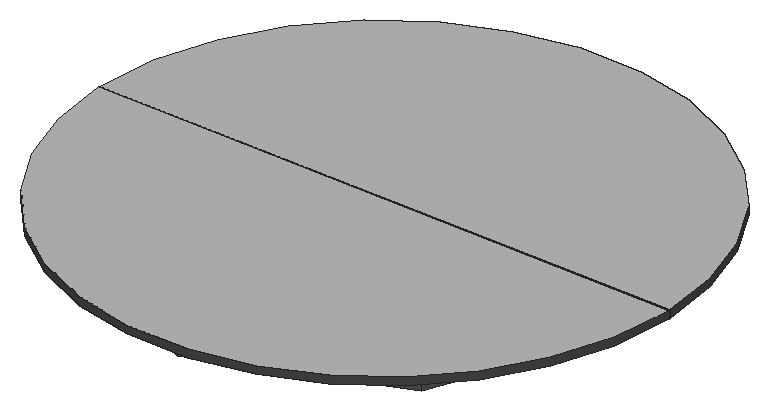
Revit family "22M 60 Round", category Furniture, Revit 2016
Family settings
  OmniClass Number = 23.40.20.00
  OmniClass Title = General Furniture and Specialties
  Work Plane-Based = No
  Always vertical = Yes
  Cut with Voids When Loaded = No
  Shared = No
  Room Calculation Point = No
Parameters
  Top [instance] = Palmer Hamilton Lt Gry
  Open [instance] = yes
  Height [instance] = 2' - 5"
  Frame [instance] = Palmer Hamilton Black
  Edge [instance] = Palmer Hamilton - Edge
  Closed [instance] = not(Open)  # no
Reference planes (in)
  plane 1 "Center Front/Back": y = 0
  plane 2: z = 0
  plane 3 "Center Left/Right": x = 0
  plane 4: z = 29
  plane 5: z = 28.1875
  plane 6: z = 26.0625
Forms (in)
  Extrusion 1, solid, visible <- "Open"
    sketch origin (0, 0, 0) x (1, 0, 0) y (0, 1, 0)
      loop
        arc (-29.99993, -0.0625) -> (0, -30) -> (29.99993, -0.0625) r 30
        line (29.99993, -0.0625) -> (-29.99993, -0.0625)
    from 28.1875 to 29
  Extrusion 2, solid, material "Palmer Hamilton Black" <- "Frame", visible <- "Open"
    sketch origin (0, 0, 0) x (1, 0, 0) y (0, 1, 0)
      loop
        line (-23.80109, -5.0625) -> (-23.80109, -8.21742) -> (-19.2566, -19.18879) -> (0, -27.16514) -> (19.2566, -19.18879) -> (23.80109, -8.21742) -> (23.80109, -5.0625) -> (23.30109, -5.0625) -> (23.30109, -8.11796) -> (18.87392, -18.80611) -> (0, -26.62394) -> (-18.87392, -18.80611) -> (-23.30109, -8.11796) -> (-23.30109, -5.0625) -> (-23.80109, -5.0625)
    from 26.0625 to 28.1875
  Extrusion 3, solid, visible <- "Closed"
    sketch origin (0, 25.43161, 37.57415) x (1, 0, 0) y (0, 0.017452, 0.999848)
      loop
        arc (-29.99993, -0.0625) -> (0, -30) -> (29.99993, -0.0625) r 30
        line (29.99993, -0.0625) -> (-29.99993, -0.0625)
    from 28.1875 to 29
  Extrusion 4, solid, material "Palmer Hamilton Black" <- "Frame", visible <- "Closed"
    sketch origin (0, 25.43161, 37.57415) x (1, 0, 0) y (0, 0.017452, 0.999848)
      loop
        line (-23.80109, -5.0625) -> (-23.80109, -8.21742) -> (-19.2566, -19.18879) -> (0, -27.16514) -> (19.2566, -19.18879) -> (23.80109, -8.21742) -> (23.80109, -5.0625) -> (23.30109, -5.0625) -> (23.30109, -8.11796) -> (18.87392, -18.80611) -> (0, -26.62394) -> (-18.87392, -18.80611) -> (-23.30109, -8.11796) -> (-23.30109, -5.0625) -> (-23.80109, -5.0625)
    from 26.0625 to 28.1875
  Extrusion 5, solid, visible <- "Open"
    sketch origin (0, 0, 0) x (-1, 0, 0) y (0, -1, 0)
      loop
        arc (-29.99993, -0.0625) -> (0, -30) -> (29.99993, -0.0625) r 30
        line (29.99993, -0.0625) -> (-29.99993, -0.0625)
    from 28.1875 to 29
  Extrusion 6, solid, material "Palmer Hamilton Black" <- "Frame", visible <- "Open"
    sketch origin (0, 0, 0) x (-1, 0, 0) y (0, -1, 0)
      loop
        line (-23.80109, -5.0625) -> (-23.80109, -8.21742) -> (-19.2566, -19.18879) -> (0, -27.16514) -> (19.2566, -19.18879) -> (23.80109, -8.21742) -> (23.80109, -5.0625) -> (23.30109, -5.0625) -> (23.30109, -8.11796) -> (18.87392, -18.80611) -> (0, -26.62394) -> (-18.87392, -18.80611) -> (-23.30109, -8.11796) -> (-23.30109, -5.0625) -> (-23.80109, -5.0625)
    from 26.0625 to 28.1875
  Extrusion 7, solid, visible <- "Closed"
    sketch origin (0, -25.43161, 37.57415) x (-1, 0, 0) y (0, -0.017452, 0.999848)
      loop
        arc (-29.99993, -0.0625) -> (0, -30) -> (29.99993, -0.0625) r 30
        line (29.99993, -0.0625) -> (-29.99993, -0.0625)
    from 28.1875 to 29
  Extrusion 8, solid, material "Palmer Hamilton Black" <- "Frame", visible <- "Closed"
    sketch origin (0, -25.43161, 37.57415) x (-1, 0, 0) y (0, -0.017452, 0.999848)
      loop
        line (-23.80109, -5.0625) -> (-23.80109, -8.21742) -> (-19.2566, -19.18879) -> (0, -27.16514) -> (19.2566, -19.18879) -> (23.80109, -8.21742) -> (23.80109, -5.0625) -> (23.30109, -5.0625) -> (23.30109, -8.11796) -> (18.87392, -18.80611) -> (0, -26.62394) -> (-18.87392, -18.80611) -> (-23.30109, -8.11796) -> (-23.30109, -5.0625) -> (-23.80109, -5.0625)
    from 26.0625 to 28.1875
  Extrusion 9, solid, material "Palmer Hamilton Black" <- "Frame", visible <- "Open"
    sketch origin (0, -0.04778, 5) x (0, 1, 0) y (0, 0, 1)
      loop
        line (0.5625, 20.44279) -> (0.5625, 22.17483) -> (-1.05432, 22.17483) -> (-1.05432, 22.61495) -> (-2.319, 22.61495) -> (-2.319, 23.1875) -> (-7.8464, 23.1875) -> (-7.8464, 21.04911) -> (-4.819, 21.04911) -> (-4.12777, 20.56511) -> (-2.19922, 20.56511)
        arc (-2.19922, 20.56511) -> (-1.96819, 20.47396) -> (-1.80353, 20.28804) r 0.53311
        line (-1.80353, 20.28804) -> (-1.74766, 20.07952)
        arc (-1.74766, 20.07952) -> (-1.6893, 19.93864) -> (-1.54842, 19.88029) r 0.19923
        line (-1.54842, 19.88029) -> (0, 19.88029)
        arc (0, 19.88029) -> (0.39775, 20.04504) -> (0.5625, 20.44279) r 0.5625
    from 23.6148 to 23.7344
  Extrusion 10, solid, material "Palmer Hamilton Black" <- "Frame", visible <- "Closed"
    sketch origin (0, 23.38594, 40.67249) x (0, 0.017452, 0.999848) y (0, -0.999848, 0.017452)
      loop
        line (-2.43704, 23.39043) -> (-2.43704, 25.12248) -> (-4.05386, 25.12248) -> (-4.05386, 25.5626) -> (-5.31854, 25.5626) -> (-5.31854, 26.13514) -> (-14.81854, 26.13514) -> (-14.81854, 23.99675) -> (-7.81854, 23.99675) -> (-7.12731, 23.51275) -> (-5.19876, 23.51275)
        arc (-5.19876, 23.51275) -> (-4.96774, 23.4216) -> (-4.80307, 23.23569) r 0.53311
        line (-4.80307, 23.23569) -> (-4.7472, 23.02716)
        arc (-4.7472, 23.02716) -> (-4.68885, 22.88628) -> (-4.54797, 22.82793) r 0.19923
        line (-4.54797, 22.82793) -> (-2.99954, 22.82793)
        arc (-2.99954, 22.82793) -> (-2.6018, 22.99268) -> (-2.43704, 23.39043) r 0.5625
    from 23.6148 to 23.7344
  Extrusion 11, solid, material "Palmer Hamilton Black" <- "Frame", visible <- "Open"
    sketch origin (0, -0.04778, 5) x (0, -1, 0) y (0, 0, 1)
      loop
        line (0.5625, 20.44279) -> (0.5625, 22.17483) -> (-1.05432, 22.17483) -> (-1.05432, 22.61495) -> (-2.319, 22.61495) -> (-2.319, 23.1875) -> (-8.14134, 23.1875) -> (-8.14134, 21.04911) -> (-4.819, 21.04911) -> (-4.12777, 20.56511) -> (-2.19922, 20.56511)
        arc (-2.19922, 20.56511) -> (-1.96819, 20.47396) -> (-1.80353, 20.28804) r 0.53311
        line (-1.80353, 20.28804) -> (-1.74766, 20.07952)
        arc (-1.74766, 20.07952) -> (-1.6893, 19.93864) -> (-1.54842, 19.88029) r 0.19923
        line (-1.54842, 19.88029) -> (0, 19.88029)
        arc (0, 19.88029) -> (0.39775, 20.04504) -> (0.5625, 20.44279) r 0.5625
    from -23.8544 to -23.7344
  Extrusion 12, solid, material "Palmer Hamilton Black" <- "Frame", visible <- "Closed"
    sketch origin (0, -23.48151, 40.67249) x (0, -0.017452, 0.999848) y (0, 0.999848, 0.017452)
      loop
        line (-2.43704, 23.39043) -> (-2.43704, 25.12248) -> (-4.05386, 25.12248) -> (-4.05386, 25.5626) -> (-5.31854, 25.5626) -> (-5.31854, 26.13514) -> (-14.81854, 26.13514) -> (-14.81854, 23.99675) -> (-7.81854, 23.99675) -> (-7.12731, 23.51275) -> (-5.19876, 23.51275)
        arc (-5.19876, 23.51275) -> (-4.96774, 23.4216) -> (-4.80307, 23.23569) r 0.53311
        line (-4.80307, 23.23569) -> (-4.7472, 23.02716)
        arc (-4.7472, 23.02716) -> (-4.68885, 22.88628) -> (-4.54797, 22.82793) r 0.19923
        line (-4.54797, 22.82793) -> (-2.99954, 22.82793)
        arc (-2.99954, 22.82793) -> (-2.6018, 22.99268) -> (-2.43704, 23.39043) r 0.5625
    from -23.8544 to -23.7344
  Extrusion 13, solid, material "Palmer Hamilton Black" <- "Frame", visible <- "Open"
    sketch origin (0, -0.04778, 5) x (0, 1, 0) y (0, 0, 1)
      loop
        line (0.5625, 20.44279) -> (0.5625, 22.17483) -> (-1.05432, 22.17483) -> (-1.05432, 22.61495) -> (-2.319, 22.61495) -> (-2.319, 23.1875) -> (-7.8464, 23.1875) -> (-7.8464, 21.04911) -> (-4.819, 21.04911) -> (-4.12777, 20.56511) -> (-2.19922, 20.56511)
        arc (-2.19922, 20.56511) -> (-1.96819, 20.47396) -> (-1.80353, 20.28804) r 0.53311
        line (-1.80353, 20.28804) -> (-1.74766, 20.07952)
        arc (-1.74766, 20.07952) -> (-1.6893, 19.93864) -> (-1.54842, 19.88029) r 0.19923
        line (-1.54842, 19.88029) -> (0, 19.88029)
        arc (0, 19.88029) -> (0.39775, 20.04504) -> (0.5625, 20.44279) r 0.5625
    from 17.25 to 17.375
  Extrusion 14, solid, material "Palmer Hamilton Black" <- "Frame", visible <- "Open"
    sketch origin (0, -0.04778, 5) x (0, -1, 0) y (0, 0, 1)
      loop
        line (0.5625, 20.44279) -> (0.5625, 22.17483) -> (-1.05432, 22.17483) -> (-1.05432, 22.61495) -> (-2.319, 22.61495) -> (-2.319, 23.1875) -> (-8.14134, 23.1875) -> (-8.14134, 21.04911) -> (-4.819, 21.04911) -> (-4.12777, 20.56511) -> (-2.19922, 20.56511)
        arc (-2.19922, 20.56511) -> (-1.96819, 20.47396) -> (-1.80353, 20.28804) r 0.53311
        line (-1.80353, 20.28804) -> (-1.74766, 20.07952)
        arc (-1.74766, 20.07952) -> (-1.6893, 19.93864) -> (-1.54842, 19.88029) r 0.19923
        line (-1.54842, 19.88029) -> (0, 19.88029)
        arc (0, 19.88029) -> (0.39775, 20.04504) -> (0.5625, 20.44279) r 0.5625
    from -17.5 to -17.375
  Extrusion 15, solid, material "Palmer Hamilton Black" <- "Frame", visible <- "Closed"
    sketch origin (0, 23.38594, 40.67249) x (0, 0.017452, 0.999848) y (0, -0.999848, 0.017452)
      loop
        line (-2.43704, 23.39043) -> (-2.43704, 25.12248) -> (-4.05386, 25.12248) -> (-4.05386, 25.5626) -> (-5.31854, 25.5626) -> (-5.31854, 26.13514) -> (-14.81854, 26.13514) -> (-14.81854, 23.99675) -> (-7.81854, 23.99675) -> (-7.12731, 23.51275) -> (-5.19876, 23.51275)
        arc (-5.19876, 23.51275) -> (-4.96774, 23.4216) -> (-4.80307, 23.23569) r 0.53311
        line (-4.80307, 23.23569) -> (-4.7472, 23.02716)
        arc (-4.7472, 23.02716) -> (-4.68885, 22.88628) -> (-4.54797, 22.82793) r 0.19923
        line (-4.54797, 22.82793) -> (-2.99954, 22.82793)
        arc (-2.99954, 22.82793) -> (-2.6018, 22.99268) -> (-2.43704, 23.39043) r 0.5625
    from 17.25 to 17.375
  Extrusion 16, solid, material "Palmer Hamilton Black" <- "Frame", visible <- "Closed"
    sketch origin (0, -23.48151, 40.67249) x (0, -0.017452, 0.999848) y (0, 0.999848, 0.017452)
      loop
        line (-2.43704, 23.39043) -> (-2.43704, 25.12248) -> (-4.05386, 25.12248) -> (-4.05386, 25.5626) -> (-5.31854, 25.5626) -> (-5.31854, 26.13514) -> (-14.81854, 26.13514) -> (-14.81854, 23.99675) -> (-7.81854, 23.99675) -> (-7.12731, 23.51275) -> (-5.19876, 23.51275)
        arc (-5.19876, 23.51275) -> (-4.96774, 23.4216) -> (-4.80307, 23.23569) r 0.53311
        line (-4.80307, 23.23569) -> (-4.7472, 23.02716)
        arc (-4.7472, 23.02716) -> (-4.68885, 22.88628) -> (-4.54797, 22.82793) r 0.19923
        line (-4.54797, 22.82793) -> (-2.99954, 22.82793)
        arc (-2.99954, 22.82793) -> (-2.6018, 22.99268) -> (-2.43704, 23.39043) r 0.5625
    from -17.5 to -17.375
  Extrusion 17, solid, material "Palmer Hamilton Black" <- "Frame", visible <- "Closed"
    sketch origin (0, -23.48151, 40.67249) x (0, -0.017452, 0.999848) y (0, 0.999848, 0.017452)
      loop
        line (-2.43704, 23.39043) -> (-2.43704, 25.12248) -> (-4.05386, 25.12248) -> (-4.05386, 25.5626) -> (-5.31854, 25.5626) -> (-5.31854, 26.13514) -> (-14.81854, 26.13514) -> (-14.81854, 23.99675) -> (-7.81854, 23.99675) -> (-7.12731, 23.51275) -> (-5.19876, 23.51275)
        arc (-5.19876, 23.51275) -> (-4.96774, 23.4216) -> (-4.80307, 23.23569) r 0.53311
        line (-4.80307, 23.23569) -> (-4.7472, 23.02716)
        arc (-4.7472, 23.02716) -> (-4.68885, 22.88628) -> (-4.54797, 22.82793) r 0.19923
        line (-4.54797, 22.82793) -> (-2.99954, 22.82793)
        arc (-2.99954, 22.82793) -> (-2.6018, 22.99268) -> (-2.43704, 23.39043) r 0.5625
    from -12.1671 to -12.0625
  Extrusion 18, solid, material "Palmer Hamilton Black" <- "Frame", visible <- "Open"
    sketch origin (0, -0.04778, 5) x (0, -1, 0) y (0, 0, 1)
      loop
        line (0.5625, 20.44279) -> (0.5625, 22.17483) -> (-1.05432, 22.17483) -> (-1.05432, 22.61495) -> (-2.319, 22.61495) -> (-2.319, 23.1875) -> (-8.14134, 23.1875) -> (-8.14134, 21.04911) -> (-4.819, 21.04911) -> (-4.12777, 20.56511) -> (-2.19922, 20.56511)
        arc (-2.19922, 20.56511) -> (-1.96819, 20.47396) -> (-1.80353, 20.28804) r 0.53311
        line (-1.80353, 20.28804) -> (-1.74766, 20.07952)
        arc (-1.74766, 20.07952) -> (-1.6893, 19.93864) -> (-1.54842, 19.88029) r 0.19923
        line (-1.54842, 19.88029) -> (0, 19.88029)
        arc (0, 19.88029) -> (0.39775, 20.04504) -> (0.5625, 20.44279) r 0.5625
    from -12.1671 to -12.0625
  Extrusion 19, solid, material "Palmer Hamilton Black" <- "Frame", visible <- "Open"
    sketch origin (0, -0.04778, 5) x (0, 1, 0) y (0, 0, -1)
      loop
        arc (0.5625, -20.44279) -> (0.39775, -20.04504) -> (0, -19.88029) r 0.5625
        line (0, -19.88029) -> (-1.54842, -19.88029)
        arc (-1.54842, -19.88029) -> (-1.6893, -19.93864) -> (-1.74766, -20.07952) r 0.19923
        line (-1.74766, -20.07952) -> (-1.80353, -20.28804)
        arc (-1.80353, -20.28804) -> (-1.96819, -20.47396) -> (-2.19922, -20.56511) r 0.53311
        line (-2.19922, -20.56511) -> (-4.12777, -20.56511) -> (-4.819, -21.04911) -> (-7.8464, -21.04911) -> (-7.8464, -23.1875) -> (-2.319, -23.1875) -> (-2.319, -22.61495) -> (-1.05432, -22.61495) -> (-1.05432, -22.17483) -> (0.5625, -22.17483) -> (0.5625, -20.44279)
    from 23.6148 to 23.7344
  Extrusion 20, solid, material "Palmer Hamilton Black" <- "Frame", visible <- "Open"
    sketch origin (0, -0.04778, 5) x (0, -1, 0) y (0, 0, -1)
      loop
        arc (0.5625, -20.44279) -> (0.39775, -20.04504) -> (0, -19.88029) r 0.5625
        line (0, -19.88029) -> (-1.54842, -19.88029)
        arc (-1.54842, -19.88029) -> (-1.6893, -19.93864) -> (-1.74766, -20.07952) r 0.19923
        line (-1.74766, -20.07952) -> (-1.80353, -20.28804)
        arc (-1.80353, -20.28804) -> (-1.96819, -20.47396) -> (-2.19922, -20.56511) r 0.53311
        line (-2.19922, -20.56511) -> (-4.12777, -20.56511) -> (-4.819, -21.04911) -> (-8.14134, -21.04911) -> (-8.14134, -23.1875) -> (-2.319, -23.1875) -> (-2.319, -22.61495) -> (-1.05432, -22.61495) -> (-1.05432, -22.17483) -> (0.5625, -22.17483) -> (0.5625, -20.44279)
    from -23.8544 to -23.7344
  Extrusion 21, solid, material "Palmer Hamilton Black" <- "Frame", visible <- "Open"
    sketch origin (0, -0.04778, 5) x (0, 1, 0) y (0, 0, -1)
      loop
        arc (0.5625, -20.44279) -> (0.39775, -20.04504) -> (0, -19.88029) r 0.5625
        line (0, -19.88029) -> (-1.54842, -19.88029)
        arc (-1.54842, -19.88029) -> (-1.6893, -19.93864) -> (-1.74766, -20.07952) r 0.19923
        line (-1.74766, -20.07952) -> (-1.80353, -20.28804)
        arc (-1.80353, -20.28804) -> (-1.96819, -20.47396) -> (-2.19922, -20.56511) r 0.53311
        line (-2.19922, -20.56511) -> (-4.12777, -20.56511) -> (-4.819, -21.04911) -> (-7.8464, -21.04911) -> (-7.8464, -23.1875) -> (-2.319, -23.1875) -> (-2.319, -22.61495) -> (-1.05432, -22.61495) -> (-1.05432, -22.17483) -> (0.5625, -22.17483) -> (0.5625, -20.44279)
    from 17.25 to 17.375
  Extrusion 22, solid, material "Palmer Hamilton Black" <- "Frame", visible <- "Open"
    sketch origin (0, -0.04778, 5) x (0, -1, 0) y (0, 0, -1)
      loop
        arc (0.5625, -20.44279) -> (0.39775, -20.04504) -> (0, -19.88029) r 0.5625
        line (0, -19.88029) -> (-1.54842, -19.88029)
        arc (-1.54842, -19.88029) -> (-1.6893, -19.93864) -> (-1.74766, -20.07952) r 0.19923
        line (-1.74766, -20.07952) -> (-1.80353, -20.28804)
        arc (-1.80353, -20.28804) -> (-1.96819, -20.47396) -> (-2.19922, -20.56511) r 0.53311
        line (-2.19922, -20.56511) -> (-4.12777, -20.56511) -> (-4.819, -21.04911) -> (-8.14134, -21.04911) -> (-8.14134, -23.1875) -> (-2.319, -23.1875) -> (-2.319, -22.61495) -> (-1.05432, -22.61495) -> (-1.05432, -22.17483) -> (0.5625, -22.17483) -> (0.5625, -20.44279)
    from -17.5 to -17.375
  Extrusion 23, solid, material "Palmer Hamilton Black" <- "Frame", visible <- "Closed"
    sketch origin (0, -23.48151, 40.67249) x (0, -0.017452, 0.999848) y (0, -0.999848, -0.017452)
      loop
        arc (-2.43704, -23.39043) -> (-2.6018, -22.99268) -> (-2.99954, -22.82793) r 0.5625
        line (-2.99954, -22.82793) -> (-4.54797, -22.82793)
        arc (-4.54797, -22.82793) -> (-4.68885, -22.88628) -> (-4.7472, -23.02716) r 0.19923
        line (-4.7472, -23.02716) -> (-4.80307, -23.23569)
        arc (-4.80307, -23.23569) -> (-4.96774, -23.4216) -> (-5.19876, -23.51275) r 0.53311
        line (-5.19876, -23.51275) -> (-7.12731, -23.51275) -> (-7.81854, -23.99675) -> (-14.81854, -23.99675) -> (-14.81854, -26.13514) -> (-5.31854, -26.13514) -> (-5.31854, -25.5626) -> (-4.05386, -25.5626) -> (-4.05386, -25.12248) -> (-2.43704, -25.12248) -> (-2.43704, -23.39043)
    from -12.1671 to -12.0625
  Extrusion 24, solid, material "Palmer Hamilton Black" <- "Frame", visible <- "Open"
    sketch origin (0, -0.04778, 5) x (0, -1, 0) y (0, 0, -1)
      loop
        arc (0.5625, -20.44279) -> (0.39775, -20.04504) -> (0, -19.88029) r 0.5625
        line (0, -19.88029) -> (-1.54842, -19.88029)
        arc (-1.54842, -19.88029) -> (-1.6893, -19.93864) -> (-1.74766, -20.07952) r 0.19923
        line (-1.74766, -20.07952) -> (-1.80353, -20.28804)
        arc (-1.80353, -20.28804) -> (-1.96819, -20.47396) -> (-2.19922, -20.56511) r 0.53311
        line (-2.19922, -20.56511) -> (-4.12777, -20.56511) -> (-4.819, -21.04911) -> (-8.14134, -21.04911) -> (-8.14134, -23.1875) -> (-2.319, -23.1875) -> (-2.319, -22.61495) -> (-1.05432, -22.61495) -> (-1.05432, -22.17483) -> (0.5625, -22.17483) -> (0.5625, -20.44279)
    from -12.1671 to -12.0625
  Extrusion 25, solid, material "Palmer Hamilton Black" <- "Frame", visible <- "Closed"
    sketch origin (0, 23.38594, 40.67249) x (0, 0.017452, 0.999848) y (0, 0.999848, -0.017452)
      loop
        arc (-2.43704, -23.39043) -> (-2.6018, -22.99268) -> (-2.99954, -22.82793) r 0.5625
        line (-2.99954, -22.82793) -> (-4.54797, -22.82793)
        arc (-4.54797, -22.82793) -> (-4.68885, -22.88628) -> (-4.7472, -23.02716) r 0.19923
        line (-4.7472, -23.02716) -> (-4.80307, -23.23569)
        arc (-4.80307, -23.23569) -> (-4.96774, -23.4216) -> (-5.19876, -23.51275) r 0.53311
        line (-5.19876, -23.51275) -> (-7.12731, -23.51275) -> (-7.81854, -23.99675) -> (-14.81854, -23.99675) -> (-14.81854, -26.13514) -> (-5.31854, -26.13514) -> (-5.31854, -25.5626) -> (-4.05386, -25.5626) -> (-4.05386, -25.12248) -> (-2.43704, -25.12248) -> (-2.43704, -23.39043)
    from 23.6148 to 23.7344
  Extrusion 26, solid, material "Palmer Hamilton Black" <- "Frame", visible <- "Closed"
    sketch origin (0, -23.48151, 40.67249) x (0, -0.017452, 0.999848) y (0, -0.999848, -0.017452)
      loop
        arc (-2.43704, -23.39043) -> (-2.6018, -22.99268) -> (-2.99954, -22.82793) r 0.5625
        line (-2.99954, -22.82793) -> (-4.54797, -22.82793)
        arc (-4.54797, -22.82793) -> (-4.68885, -22.88628) -> (-4.7472, -23.02716) r 0.19923
        line (-4.7472, -23.02716) -> (-4.80307, -23.23569)
        arc (-4.80307, -23.23569) -> (-4.96774, -23.4216) -> (-5.19876, -23.51275) r 0.53311
        line (-5.19876, -23.51275) -> (-7.12731, -23.51275) -> (-7.81854, -23.99675) -> (-14.81854, -23.99675) -> (-14.81854, -26.13514) -> (-5.31854, -26.13514) -> (-5.31854, -25.5626) -> (-4.05386, -25.5626) -> (-4.05386, -25.12248) -> (-2.43704, -25.12248) -> (-2.43704, -23.39043)
    from -23.8544 to -23.7344
  Extrusion 27, solid, material "Palmer Hamilton Black" <- "Frame", visible <- "Closed"
    sketch origin (0, 23.38594, 40.67249) x (0, 0.017452, 0.999848) y (0, 0.999848, -0.017452)
      loop
        arc (-2.43704, -23.39043) -> (-2.6018, -22.99268) -> (-2.99954, -22.82793) r 0.5625
        line (-2.99954, -22.82793) -> (-4.54797, -22.82793)
        arc (-4.54797, -22.82793) -> (-4.68885, -22.88628) -> (-4.7472, -23.02716) r 0.19923
        line (-4.7472, -23.02716) -> (-4.80307, -23.23569)
        arc (-4.80307, -23.23569) -> (-4.96774, -23.4216) -> (-5.19876, -23.51275) r 0.53311
        line (-5.19876, -23.51275) -> (-7.12731, -23.51275) -> (-7.81854, -23.99675) -> (-14.81854, -23.99675) -> (-14.81854, -26.13514) -> (-5.31854, -26.13514) -> (-5.31854, -25.5626) -> (-4.05386, -25.5626) -> (-4.05386, -25.12248) -> (-2.43704, -25.12248) -> (-2.43704, -23.39043)
    from 17.25 to 17.375
  Extrusion 28, solid, material "Palmer Hamilton Black" <- "Frame", visible <- "Closed"
    sketch origin (0, -23.48151, 40.67249) x (0, -0.017452, 0.999848) y (0, -0.999848, -0.017452)
      loop
        arc (-2.43704, -23.39043) -> (-2.6018, -22.99268) -> (-2.99954, -22.82793) r 0.5625
        line (-2.99954, -22.82793) -> (-4.54797, -22.82793)
        arc (-4.54797, -22.82793) -> (-4.68885, -22.88628) -> (-4.7472, -23.02716) r 0.19923
        line (-4.7472, -23.02716) -> (-4.80307, -23.23569)
        arc (-4.80307, -23.23569) -> (-4.96774, -23.4216) -> (-5.19876, -23.51275) r 0.53311
        line (-5.19876, -23.51275) -> (-7.12731, -23.51275) -> (-7.81854, -23.99675) -> (-14.81854, -23.99675) -> (-14.81854, -26.13514) -> (-5.31854, -26.13514) -> (-5.31854, -25.5626) -> (-4.05386, -25.5626) -> (-4.05386, -25.12248) -> (-2.43704, -25.12248) -> (-2.43704, -23.39043)
    from -17.5 to -17.375
Dimensions and locks (in)
  locked: plane 5 to plane 6 at 2.125
  locked: plane 4 to plane 5 at 0.8125
  "Height": plane 4 to level
  locked: Extrusion 25 to Extrusion 3 at 0.68762
  locked: Extrusion 26 to Extrusion 7 at 0.68929
  aligned and locked: level to plane 2
  aligned and locked: plane 4 to Extrusion 1
  aligned and locked: Extrusion 1 to plane 5
  aligned and locked: plane 5 to Extrusion 2
  aligned and locked: Extrusion 2 to plane 6
  aligned and locked: plane 4 to Extrusion 5
  aligned and locked: Extrusion 5 to plane 5  (x2)
  aligned and locked: Extrusion 6 to plane 6
  aligned and locked: plane 5 to Extrusion 1
  aligned and locked: plane 5 to Extrusion 6
Automatic sketch dimensions
  plane 1 "Center Front/Back" to Extrusion 1 sketch curve = 0' - 0"
  Extrusion 1 sketch curve to plane 3 "Center Left/Right" = 0' - 0"
  plane 1 "Center Front/Back" to Extrusion 1 sketch curve = 0' - 0 1/16"
  Extrusion 1 sketch curve to plane 3 "Center Left/Right" = 2' - 5.99993"
  Extrusion 2 sketch curve to plane 3 "Center Left/Right" = 0' - 0"  (x2)
  Extrusion 2 sketch curve to plane 3 "Center Left/Right" = 1' - 6.87392"
  Extrusion 2 sketch curve to Extrusion 2 sketch curve = 0' - 0.38268"  (x4)
  plane 1 "Center Front/Back" to Extrusion 2 sketch curve = 0' - 8.11796"
  Extrusion 2 sketch curve to Extrusion 2 sketch curve = 0' - 4.42718"  (x2)
  plane 1 "Center Front/Back" to Extrusion 2 sketch curve = 0' - 8.21742"
  Extrusion 2 sketch curve to Extrusion 2 sketch curve = 0' - 0 1/2"  (x2)
  plane 3 "Center Left/Right" to Extrusion 2 sketch curve = 1' - 6.87392"
  plane 1 "Center Front/Back" to Extrusion 2 sketch curve = 0' - 5 1/16"
  Extrusion 2 sketch curve to Extrusion 2 sketch curve = 1' - 1.74361"
  Extrusion 2 sketch curve to Extrusion 2 sketch curve = 0' - 10.68815"
  Extrusion 2 sketch curve to Extrusion 2 sketch curve = 0' - 7.81783"
  Extrusion 2 sketch curve to Extrusion 2 sketch curve = 0' - 0.5412"
  Extrusion 2 sketch curve to Extrusion 2 sketch curve = 0' - 3.15492"
  Extrusion 2 sketch curve to Extrusion 2 sketch curve = 0' - 0.09946"
  Extrusion 2 sketch curve to Extrusion 2 sketch curve = 0' - 3.05546"
  Extrusion 3 sketch curve to plane 3 "Center Left/Right" = 0' - 0"
  Extrusion 3 sketch curve to plane 3 "Center Left/Right" = 2' - 5.99993"
  Extrusion 3 sketch curve to Extrusion 3 sketch curve = 0' - 0 1/16"
  Extrusion 4 sketch curve to plane 3 "Center Left/Right" = 0' - 0"  (x2)
  Extrusion 4 sketch curve to plane 3 "Center Left/Right" = 1' - 6.87392"
  Extrusion 4 sketch curve to Extrusion 4 sketch curve = 0' - 0.38268"  (x4)
  Extrusion 4 sketch curve to Extrusion 4 sketch curve = 0' - 4.42718"  (x2)
  Extrusion 4 sketch curve to Extrusion 4 sketch curve = 0' - 0 1/2"  (x2)
  plane 3 "Center Left/Right" to Extrusion 4 sketch curve = 1' - 6.87392"
  Extrusion 4 sketch curve to Extrusion 4 sketch curve = 0' - 0.5412"
  Extrusion 4 sketch curve to Extrusion 4 sketch curve = 0' - 7.43515"  (x2)
  Extrusion 4 sketch curve to Extrusion 4 sketch curve = 0' - 10.58869"  (x2)
  Extrusion 4 sketch curve to Extrusion 4 sketch curve = 0' - 0.09946"  (x2)
  Extrusion 4 sketch curve to Extrusion 4 sketch curve = 0' - 3.05546"  (x2)
  plane 1 "Center Front/Back" to Extrusion 5 sketch curve = 0' - 0"
  Extrusion 5 sketch curve to plane 3 "Center Left/Right" = 0' - 0"
  Extrusion 5 sketch curve to plane 1 "Center Front/Back" = 0' - 0 1/16"
  plane 3 "Center Left/Right" to Extrusion 5 sketch curve = 2' - 5.99993"
  Extrusion 6 sketch curve to plane 3 "Center Left/Right" = 0' - 0"  (x2)
  plane 3 "Center Left/Right" to Extrusion 6 sketch curve = 1' - 6.87392"
  Extrusion 6 sketch curve to Extrusion 6 sketch curve = 0' - 0.38268"  (x4)
  Extrusion 6 sketch curve to plane 1 "Center Front/Back" = 0' - 8.11796"
  Extrusion 6 sketch curve to Extrusion 6 sketch curve = 0' - 4.42718"  (x2)
  Extrusion 6 sketch curve to Extrusion 6 sketch curve = 0' - 0 1/2"  (x2)
  Extrusion 6 sketch curve to plane 3 "Center Left/Right" = 1' - 6.87392"
  Extrusion 6 sketch curve to plane 1 "Center Front/Back" = 0' - 5 1/16"
  Extrusion 6 sketch curve to Extrusion 6 sketch curve = 0' - 3.05546"  (x2)
  Extrusion 6 sketch curve to Extrusion 6 sketch curve = 0' - 0.09946"  (x2)
  Extrusion 6 sketch curve to Extrusion 6 sketch curve = 0' - 10.68815"  (x2)
  Extrusion 6 sketch curve to Extrusion 6 sketch curve = 0' - 7.81783"
  Extrusion 6 sketch curve to Extrusion 6 sketch curve = 0' - 0.5412"
  Extrusion 7 sketch curve to plane 3 "Center Left/Right" = 0' - 0"
  plane 3 "Center Left/Right" to Extrusion 7 sketch curve = 2' - 5.99993"
  Extrusion 7 sketch curve to Extrusion 7 sketch curve = 0' - 0 1/16"
  Extrusion 8 sketch curve to plane 3 "Center Left/Right" = 0' - 0"  (x2)
  plane 3 "Center Left/Right" to Extrusion 8 sketch curve = 1' - 6.87392"
  Extrusion 8 sketch curve to Extrusion 8 sketch curve = 0' - 0.38268"  (x4)
  Extrusion 8 sketch curve to Extrusion 8 sketch curve = 0' - 4.42718"  (x2)
  Extrusion 8 sketch curve to Extrusion 8 sketch curve = 0' - 0 1/2"  (x2)
  Extrusion 8 sketch curve to plane 3 "Center Left/Right" = 1' - 6.87392"
  Extrusion 8 sketch curve to Extrusion 8 sketch curve = 0' - 0.5412"
  Extrusion 8 sketch curve to Extrusion 8 sketch curve = 0' - 7.43515"  (x2)
  Extrusion 8 sketch curve to Extrusion 8 sketch curve = 0' - 10.58869"  (x2)
  Extrusion 8 sketch curve to Extrusion 8 sketch curve = 0' - 0.09946"  (x2)
  Extrusion 8 sketch curve to Extrusion 8 sketch curve = 0' - 3.05546"  (x2)
  plane 1 "Center Front/Back" to Extrusion 9 sketch curve = 0' - 7.89419"
  Extrusion 9 sketch curve to Extrusion 9 sketch curve = 0' - 3.0274"
  Extrusion 9 sketch curve to Extrusion 9 sketch curve = 0' - 0.69123"
  plane 1 "Center Front/Back" to Extrusion 9 sketch curve = 0' - 2.36678"
  Extrusion 9 sketch curve to Extrusion 9 sketch curve = 0' - 1.8538"
  Extrusion 9 sketch curve to Extrusion 9 sketch curve = 0' - 0.07475"
  Extrusion 9 sketch curve to Extrusion 9 sketch curve = 0' - 0.39569"
  Extrusion 9 sketch curve to Extrusion 9 sketch curve = 0' - 0.05587"
  Extrusion 9 sketch curve to Extrusion 9 sketch curve = 0' - 0 51/256"
  plane 1 "Center Front/Back" to Extrusion 9 sketch curve = 0' - 1.1021"
  plane 1 "Center Front/Back" to Extrusion 9 sketch curve = 0' - 0.04778"
  Extrusion 9 sketch curve to plane 1 "Center Front/Back" = 0' - 0.51472"
  Extrusion 9 sketch curve to plane 6 = 0' - 1.18221"
  Extrusion 9 sketch curve to Extrusion 9 sketch curve = 0' - 0.04225"
  Extrusion 9 sketch curve to Extrusion 9 sketch curve = 0' - 0.20852"
  Extrusion 9 sketch curve to Extrusion 9 sketch curve = 0' - 0.484"
  Extrusion 9 sketch curve to Extrusion 9 sketch curve = 0' - 1.73205"
  Extrusion 9 sketch curve to Extrusion 9 sketch curve = 0' - 0.44012"
  Extrusion 9 sketch curve to Extrusion 9 sketch curve = 0' - 0.57255"
  plane 1 "Center Front/Back" to Extrusion 10 sketch curve = 0' - 0.86578"
  plane 6 to Extrusion 10 sketch curve = 0' - 0.2125"
  Extrusion 10 sketch curve to Extrusion 10 sketch curve = 0' - 7"
  Extrusion 10 sketch curve to Extrusion 10 sketch curve = 0' - 0.69123"
  Extrusion 10 sketch curve to Extrusion 10 sketch curve = 0' - 1.80877"
  Extrusion 10 sketch curve to Extrusion 10 sketch curve = 0' - 1.8538"
  Extrusion 10 sketch curve to Extrusion 10 sketch curve = 0' - 0.07475"
  Extrusion 10 sketch curve to Extrusion 10 sketch curve = 0' - 0.39569"
  Extrusion 10 sketch curve to Extrusion 10 sketch curve = 0' - 0.05587"
  Extrusion 10 sketch curve to Extrusion 10 sketch curve = 0' - 0 51/256"
  Extrusion 10 sketch curve to Extrusion 10 sketch curve = 0' - 1.26468"
  Extrusion 10 sketch curve to Extrusion 10 sketch curve = 0' - 1.54842"
  Extrusion 10 sketch curve to Extrusion 10 sketch curve = 0' - 1.61682"
  Extrusion 10 sketch curve to Extrusion 10 sketch curve = 0' - 0.484"
  Extrusion 10 sketch curve to Extrusion 10 sketch curve = 0' - 0.12232"
  Extrusion 10 sketch curve to Extrusion 10 sketch curve = 0' - 0.20852"
  Extrusion 10 sketch curve to Extrusion 10 sketch curve = 0' - 1.73205"
  Extrusion 10 sketch curve to Extrusion 10 sketch curve = 0' - 0.44012"
  Extrusion 10 sketch curve to Extrusion 10 sketch curve = 0' - 0.57255"
  Extrusion 11 sketch curve to plane 1 "Center Front/Back" = 0' - 8.09355"
  Extrusion 11 sketch curve to Extrusion 11 sketch curve = 0' - 3.32234"
  Extrusion 11 sketch curve to Extrusion 11 sketch curve = 0' - 0.69123"
  Extrusion 11 sketch curve to plane 1 "Center Front/Back" = 0' - 2.27122"
  Extrusion 11 sketch curve to Extrusion 11 sketch curve = 0' - 1.8538"
  Extrusion 11 sketch curve to Extrusion 11 sketch curve = 0' - 0.07475"
  Extrusion 11 sketch curve to Extrusion 11 sketch curve = 0' - 0.39569"
  Extrusion 11 sketch curve to Extrusion 11 sketch curve = 0' - 0.05587"
  Extrusion 11 sketch curve to Extrusion 11 sketch curve = 0' - 0 51/256"
  Extrusion 11 sketch curve to plane 1 "Center Front/Back" = 0' - 1.00653"
  plane 1 "Center Front/Back" to Extrusion 11 sketch curve = 0' - 0.04778"
  plane 1 "Center Front/Back" to Extrusion 11 sketch curve = 0' - 0.61028"
  Extrusion 11 sketch curve to plane 6 = 0' - 1.18221"
  Extrusion 11 sketch curve to Extrusion 11 sketch curve = 0' - 0.04225"
  Extrusion 11 sketch curve to Extrusion 11 sketch curve = 0' - 0.20852"
  Extrusion 11 sketch curve to Extrusion 11 sketch curve = 0' - 0.484"
  Extrusion 11 sketch curve to Extrusion 11 sketch curve = 0' - 1.73205"
  Extrusion 11 sketch curve to Extrusion 11 sketch curve = 0' - 0.44012"
  Extrusion 11 sketch curve to Extrusion 11 sketch curve = 0' - 0.57255"
  Extrusion 12 sketch curve to plane 1 "Center Front/Back" = 0' - 0.77021"
  plane 6 to Extrusion 12 sketch curve = 0' - 0.2125"
  Extrusion 12 sketch curve to Extrusion 12 sketch curve = 0' - 7"
  Extrusion 12 sketch curve to Extrusion 12 sketch curve = 0' - 0.69123"
  Extrusion 12 sketch curve to Extrusion 12 sketch curve = 0' - 1.80877"
  Extrusion 12 sketch curve to Extrusion 12 sketch curve = 0' - 1.8538"
  Extrusion 12 sketch curve to Extrusion 12 sketch curve = 0' - 0.07475"
  Extrusion 12 sketch curve to Extrusion 12 sketch curve = 0' - 0.39569"
  Extrusion 12 sketch curve to Extrusion 12 sketch curve = 0' - 0.05587"
  Extrusion 12 sketch curve to Extrusion 12 sketch curve = 0' - 0 51/256"
  Extrusion 12 sketch curve to Extrusion 12 sketch curve = 0' - 1.26468"
  Extrusion 12 sketch curve to Extrusion 12 sketch curve = 0' - 1.54842"
  Extrusion 12 sketch curve to Extrusion 12 sketch curve = 0' - 1.61682"
  Extrusion 12 sketch curve to Extrusion 12 sketch curve = 0' - 0.484"
  Extrusion 12 sketch curve to Extrusion 12 sketch curve = 0' - 0.12232"
  Extrusion 12 sketch curve to Extrusion 12 sketch curve = 0' - 0.20852"
  Extrusion 12 sketch curve to Extrusion 12 sketch curve = 0' - 1.73205"
  Extrusion 12 sketch curve to Extrusion 12 sketch curve = 0' - 0.44012"
  Extrusion 12 sketch curve to Extrusion 12 sketch curve = 0' - 0.57255"
  plane 1 "Center Front/Back" to Extrusion 13 sketch curve = 0' - 7.89419"
  Extrusion 13 sketch curve to Extrusion 13 sketch curve = 0' - 3.0274"
  Extrusion 13 sketch curve to Extrusion 13 sketch curve = 0' - 0.69123"
  plane 1 "Center Front/Back" to Extrusion 13 sketch curve = 0' - 2.36678"
  Extrusion 13 sketch curve to Extrusion 13 sketch curve = 0' - 1.8538"
  Extrusion 13 sketch curve to Extrusion 13 sketch curve = 0' - 0.07475"
  Extrusion 13 sketch curve to Extrusion 13 sketch curve = 0' - 0.39569"
  Extrusion 13 sketch curve to Extrusion 13 sketch curve = 0' - 0.05587"
  Extrusion 13 sketch curve to Extrusion 13 sketch curve = 0' - 0 51/256"
  plane 1 "Center Front/Back" to Extrusion 13 sketch curve = 0' - 1.1021"
  plane 1 "Center Front/Back" to Extrusion 13 sketch curve = 0' - 0.04778"
  Extrusion 13 sketch curve to plane 1 "Center Front/Back" = 0' - 0.51472"
  Extrusion 13 sketch curve to plane 6 = 0' - 1.18221"
  Extrusion 13 sketch curve to Extrusion 13 sketch curve = 0' - 0.04225"
  Extrusion 13 sketch curve to Extrusion 13 sketch curve = 0' - 0.20852"
  Extrusion 13 sketch curve to Extrusion 13 sketch curve = 0' - 0.484"
  Extrusion 13 sketch curve to Extrusion 13 sketch curve = 0' - 1.73205"
  Extrusion 13 sketch curve to Extrusion 13 sketch curve = 0' - 0.44012"
  Extrusion 13 sketch curve to Extrusion 13 sketch curve = 0' - 0.57255"
  Extrusion 14 sketch curve to plane 1 "Center Front/Back" = 0' - 8.09355"
  Extrusion 14 sketch curve to Extrusion 14 sketch curve = 0' - 3.32234"
  Extrusion 14 sketch curve to Extrusion 14 sketch curve = 0' - 0.69123"
  Extrusion 14 sketch curve to plane 1 "Center Front/Back" = 0' - 2.27122"
  Extrusion 14 sketch curve to Extrusion 14 sketch curve = 0' - 1.8538"
  Extrusion 14 sketch curve to Extrusion 14 sketch curve = 0' - 0.07475"
  Extrusion 14 sketch curve to Extrusion 14 sketch curve = 0' - 0.39569"
  Extrusion 14 sketch curve to Extrusion 14 sketch curve = 0' - 0.05587"
  Extrusion 14 sketch curve to Extrusion 14 sketch curve = 0' - 0 51/256"
  Extrusion 14 sketch curve to plane 1 "Center Front/Back" = 0' - 1.00653"
  plane 1 "Center Front/Back" to Extrusion 14 sketch curve = 0' - 0.04778"
  plane 1 "Center Front/Back" to Extrusion 14 sketch curve = 0' - 0.61028"
  Extrusion 14 sketch curve to plane 6 = 0' - 1.18221"
  Extrusion 14 sketch curve to Extrusion 14 sketch curve = 0' - 0.04225"
  Extrusion 14 sketch curve to Extrusion 14 sketch curve = 0' - 0.20852"
  Extrusion 14 sketch curve to Extrusion 14 sketch curve = 0' - 0.484"
  Extrusion 14 sketch curve to Extrusion 14 sketch curve = 0' - 1.73205"
  Extrusion 14 sketch curve to Extrusion 14 sketch curve = 0' - 0.44012"
  Extrusion 14 sketch curve to Extrusion 14 sketch curve = 0' - 0.57255"
  plane 1 "Center Front/Back" to Extrusion 15 sketch curve = 0' - 0.86578"
  plane 6 to Extrusion 15 sketch curve = 0' - 0.2125"
  Extrusion 15 sketch curve to Extrusion 15 sketch curve = 0' - 7"
  Extrusion 15 sketch curve to Extrusion 15 sketch curve = 0' - 0.69123"
  Extrusion 15 sketch curve to Extrusion 15 sketch curve = 0' - 1.80877"
  Extrusion 15 sketch curve to Extrusion 15 sketch curve = 0' - 1.8538"
  Extrusion 15 sketch curve to Extrusion 15 sketch curve = 0' - 0.07475"
  Extrusion 15 sketch curve to Extrusion 15 sketch curve = 0' - 0.39569"
  Extrusion 15 sketch curve to Extrusion 15 sketch curve = 0' - 0.05587"
  Extrusion 15 sketch curve to Extrusion 15 sketch curve = 0' - 0 51/256"
  Extrusion 15 sketch curve to Extrusion 15 sketch curve = 0' - 1.26468"
  Extrusion 15 sketch curve to Extrusion 15 sketch curve = 0' - 1.54842"
  Extrusion 15 sketch curve to Extrusion 15 sketch curve = 0' - 1.61682"
  Extrusion 15 sketch curve to Extrusion 15 sketch curve = 0' - 0.484"
  Extrusion 15 sketch curve to Extrusion 15 sketch curve = 0' - 0.12232"
  Extrusion 15 sketch curve to Extrusion 15 sketch curve = 0' - 0.20852"
  Extrusion 15 sketch curve to Extrusion 15 sketch curve = 0' - 1.73205"
  Extrusion 15 sketch curve to Extrusion 15 sketch curve = 0' - 0.44012"
  Extrusion 15 sketch curve to Extrusion 15 sketch curve = 0' - 0.57255"
  Extrusion 16 sketch curve to plane 1 "Center Front/Back" = 0' - 0.77021"
  plane 6 to Extrusion 16 sketch curve = 0' - 0.2125"
  Extrusion 16 sketch curve to Extrusion 16 sketch curve = 0' - 7"
  Extrusion 16 sketch curve to Extrusion 16 sketch curve = 0' - 0.69123"
  Extrusion 16 sketch curve to Extrusion 16 sketch curve = 0' - 1.80877"
  Extrusion 16 sketch curve to Extrusion 16 sketch curve = 0' - 1.8538"
  Extrusion 16 sketch curve to Extrusion 16 sketch curve = 0' - 0.07475"
  Extrusion 16 sketch curve to Extrusion 16 sketch curve = 0' - 0.39569"
  Extrusion 16 sketch curve to Extrusion 16 sketch curve = 0' - 0.05587"
  Extrusion 16 sketch curve to Extrusion 16 sketch curve = 0' - 0 51/256"
  Extrusion 16 sketch curve to Extrusion 16 sketch curve = 0' - 1.26468"
  Extrusion 16 sketch curve to Extrusion 16 sketch curve = 0' - 1.54842"
  Extrusion 16 sketch curve to Extrusion 16 sketch curve = 0' - 1.61682"
  Extrusion 16 sketch curve to Extrusion 16 sketch curve = 0' - 0.484"
  Extrusion 16 sketch curve to Extrusion 16 sketch curve = 0' - 0.12232"
  Extrusion 16 sketch curve to Extrusion 16 sketch curve = 0' - 0.20852"
  Extrusion 16 sketch curve to Extrusion 16 sketch curve = 0' - 1.73205"
  Extrusion 16 sketch curve to Extrusion 16 sketch curve = 0' - 0.44012"
  Extrusion 16 sketch curve to Extrusion 16 sketch curve = 0' - 0.57255"
  Extrusion 17 sketch curve to plane 1 "Center Front/Back" = 0' - 0.77021"
  plane 6 to Extrusion 17 sketch curve = 0' - 0.2125"
  Extrusion 17 sketch curve to Extrusion 17 sketch curve = 0' - 7"
  Extrusion 17 sketch curve to Extrusion 17 sketch curve = 0' - 0.69123"
  Extrusion 17 sketch curve to Extrusion 17 sketch curve = 0' - 1.80877"
  Extrusion 17 sketch curve to Extrusion 17 sketch curve = 0' - 1.8538"
  Extrusion 17 sketch curve to Extrusion 17 sketch curve = 0' - 0.07475"
  Extrusion 17 sketch curve to Extrusion 17 sketch curve = 0' - 0.39569"
  Extrusion 17 sketch curve to Extrusion 17 sketch curve = 0' - 0.05587"
  Extrusion 17 sketch curve to Extrusion 17 sketch curve = 0' - 0 51/256"
  Extrusion 17 sketch curve to Extrusion 17 sketch curve = 0' - 1.26468"
  Extrusion 17 sketch curve to Extrusion 17 sketch curve = 0' - 1.54842"
  Extrusion 17 sketch curve to Extrusion 17 sketch curve = 0' - 1.61682"
  Extrusion 17 sketch curve to Extrusion 17 sketch curve = 0' - 0.484"
  Extrusion 17 sketch curve to Extrusion 17 sketch curve = 0' - 0.12232"
  Extrusion 17 sketch curve to Extrusion 17 sketch curve = 0' - 0.20852"
  Extrusion 17 sketch curve to Extrusion 17 sketch curve = 0' - 1.73205"
  Extrusion 17 sketch curve to Extrusion 17 sketch curve = 0' - 0.44012"
  Extrusion 17 sketch curve to Extrusion 17 sketch curve = 0' - 0.57255"
  Extrusion 18 sketch curve to plane 1 "Center Front/Back" = 0' - 8.09355"
  Extrusion 18 sketch curve to Extrusion 18 sketch curve = 0' - 3.32234"
  Extrusion 18 sketch curve to Extrusion 18 sketch curve = 0' - 0.69123"
  Extrusion 18 sketch curve to plane 1 "Center Front/Back" = 0' - 2.27122"
  Extrusion 18 sketch curve to Extrusion 18 sketch curve = 0' - 1.8538"
  Extrusion 18 sketch curve to Extrusion 18 sketch curve = 0' - 0.07475"
  Extrusion 18 sketch curve to Extrusion 18 sketch curve = 0' - 0.39569"
  Extrusion 18 sketch curve to Extrusion 18 sketch curve = 0' - 0.05587"
  Extrusion 18 sketch curve to Extrusion 18 sketch curve = 0' - 0 51/256"
  Extrusion 18 sketch curve to plane 1 "Center Front/Back" = 0' - 1.00653"
  plane 1 "Center Front/Back" to Extrusion 18 sketch curve = 0' - 0.04778"
  plane 1 "Center Front/Back" to Extrusion 18 sketch curve = 0' - 0.61028"
  Extrusion 18 sketch curve to plane 6 = 0' - 1.18221"
  Extrusion 18 sketch curve to Extrusion 18 sketch curve = 0' - 0.04225"
  Extrusion 18 sketch curve to Extrusion 18 sketch curve = 0' - 0.20852"
  Extrusion 18 sketch curve to Extrusion 18 sketch curve = 0' - 0.484"
  Extrusion 18 sketch curve to Extrusion 18 sketch curve = 0' - 1.73205"
  Extrusion 18 sketch curve to Extrusion 18 sketch curve = 0' - 0.44012"
  Extrusion 18 sketch curve to Extrusion 18 sketch curve = 0' - 0.57255"
  plane 1 "Center Front/Back" to Extrusion 19 sketch curve = 0' - 7.89419"
  Extrusion 19 sketch curve to Extrusion 19 sketch curve = 0' - 3.0274"
  Extrusion 19 sketch curve to Extrusion 19 sketch curve = 0' - 0.69123"
  plane 1 "Center Front/Back" to Extrusion 19 sketch curve = 0' - 2.36678"
  Extrusion 19 sketch curve to Extrusion 19 sketch curve = 0' - 1.8538"
  Extrusion 19 sketch curve to Extrusion 19 sketch curve = 0' - 0.07475"
  Extrusion 19 sketch curve to Extrusion 19 sketch curve = 0' - 0.39569"
  Extrusion 19 sketch curve to Extrusion 19 sketch curve = 0' - 0.05587"
  Extrusion 19 sketch curve to Extrusion 19 sketch curve = 0' - 0 51/256"
  plane 1 "Center Front/Back" to Extrusion 19 sketch curve = 0' - 1.1021"
  plane 1 "Center Front/Back" to Extrusion 19 sketch curve = 0' - 0.04778"
  Extrusion 19 sketch curve to plane 1 "Center Front/Back" = 0' - 0.51472"
  plane 6 to Extrusion 19 sketch curve = 0' - 2 1/8"
  Extrusion 19 sketch curve to Extrusion 19 sketch curve = 0' - 0.57255"
  Extrusion 19 sketch curve to Extrusion 19 sketch curve = 0' - 0.44012"
  Extrusion 19 sketch curve to Extrusion 19 sketch curve = 0' - 1.56584"
  Extrusion 19 sketch curve to Extrusion 19 sketch curve = 0' - 0.484"
  Extrusion 19 sketch curve to Extrusion 19 sketch curve = 0' - 1.73205"
  Extrusion 19 sketch curve to Extrusion 19 sketch curve = 0' - 0.20852"
  Extrusion 20 sketch curve to plane 1 "Center Front/Back" = 0' - 8.09355"
  Extrusion 20 sketch curve to Extrusion 20 sketch curve = 0' - 3.32234"
  Extrusion 20 sketch curve to Extrusion 20 sketch curve = 0' - 0.69123"
  Extrusion 20 sketch curve to plane 1 "Center Front/Back" = 0' - 2.27122"
  Extrusion 20 sketch curve to Extrusion 20 sketch curve = 0' - 1.8538"
  Extrusion 20 sketch curve to Extrusion 20 sketch curve = 0' - 0.07475"
  Extrusion 20 sketch curve to Extrusion 20 sketch curve = 0' - 0.39569"
  Extrusion 20 sketch curve to Extrusion 20 sketch curve = 0' - 0.05587"
  Extrusion 20 sketch curve to Extrusion 20 sketch curve = 0' - 0 51/256"
  Extrusion 20 sketch curve to plane 1 "Center Front/Back" = 0' - 1.00653"
  plane 1 "Center Front/Back" to Extrusion 20 sketch curve = 0' - 0.04778"
  plane 1 "Center Front/Back" to Extrusion 20 sketch curve = 0' - 0.61028"
  plane 6 to Extrusion 20 sketch curve = 0' - 2 1/8"
  Extrusion 20 sketch curve to Extrusion 20 sketch curve = 0' - 0.57255"
  Extrusion 20 sketch curve to Extrusion 20 sketch curve = 0' - 0.44012"
  Extrusion 20 sketch curve to Extrusion 20 sketch curve = 0' - 1.56584"
  Extrusion 20 sketch curve to Extrusion 20 sketch curve = 0' - 0.484"
  Extrusion 20 sketch curve to Extrusion 20 sketch curve = 0' - 1.73205"
  Extrusion 20 sketch curve to Extrusion 20 sketch curve = 0' - 0.20852"
  plane 1 "Center Front/Back" to Extrusion 21 sketch curve = 0' - 7.89419"
  Extrusion 21 sketch curve to Extrusion 21 sketch curve = 0' - 3.0274"
  Extrusion 21 sketch curve to Extrusion 21 sketch curve = 0' - 0.69123"
  plane 1 "Center Front/Back" to Extrusion 21 sketch curve = 0' - 2.36678"
  Extrusion 21 sketch curve to Extrusion 21 sketch curve = 0' - 1.8538"
  Extrusion 21 sketch curve to Extrusion 21 sketch curve = 0' - 0.07475"
  Extrusion 21 sketch curve to Extrusion 21 sketch curve = 0' - 0.39569"
  Extrusion 21 sketch curve to Extrusion 21 sketch curve = 0' - 0.05587"
  Extrusion 21 sketch curve to Extrusion 21 sketch curve = 0' - 0 51/256"
  plane 1 "Center Front/Back" to Extrusion 21 sketch curve = 0' - 1.1021"
  plane 1 "Center Front/Back" to Extrusion 21 sketch curve = 0' - 0.04778"
  Extrusion 21 sketch curve to plane 1 "Center Front/Back" = 0' - 0.51472"
  plane 6 to Extrusion 21 sketch curve = 0' - 2 1/8"
  Extrusion 21 sketch curve to Extrusion 21 sketch curve = 0' - 0.57255"
  Extrusion 21 sketch curve to Extrusion 21 sketch curve = 0' - 0.44012"
  Extrusion 21 sketch curve to Extrusion 21 sketch curve = 0' - 1.56584"
  Extrusion 21 sketch curve to Extrusion 21 sketch curve = 0' - 0.484"
  Extrusion 21 sketch curve to Extrusion 21 sketch curve = 0' - 1.73205"
  Extrusion 21 sketch curve to Extrusion 21 sketch curve = 0' - 0.20852"
  Extrusion 22 sketch curve to plane 1 "Center Front/Back" = 0' - 8.09355"
  Extrusion 22 sketch curve to Extrusion 22 sketch curve = 0' - 3.32234"
  Extrusion 22 sketch curve to Extrusion 22 sketch curve = 0' - 0.69123"
  Extrusion 22 sketch curve to plane 1 "Center Front/Back" = 0' - 2.27122"
  Extrusion 22 sketch curve to Extrusion 22 sketch curve = 0' - 1.8538"
  Extrusion 22 sketch curve to Extrusion 22 sketch curve = 0' - 0.07475"
  Extrusion 22 sketch curve to Extrusion 22 sketch curve = 0' - 0.39569"
  Extrusion 22 sketch curve to Extrusion 22 sketch curve = 0' - 0.05587"
  Extrusion 22 sketch curve to Extrusion 22 sketch curve = 0' - 0 51/256"
  Extrusion 22 sketch curve to plane 1 "Center Front/Back" = 0' - 1.00653"
  plane 1 "Center Front/Back" to Extrusion 22 sketch curve = 0' - 0.04778"
  plane 1 "Center Front/Back" to Extrusion 22 sketch curve = 0' - 0.61028"
  plane 6 to Extrusion 22 sketch curve = 0' - 2 1/8"
  Extrusion 22 sketch curve to Extrusion 22 sketch curve = 0' - 0.57255"
  Extrusion 22 sketch curve to Extrusion 22 sketch curve = 0' - 0.44012"
  Extrusion 22 sketch curve to Extrusion 22 sketch curve = 0' - 1.56584"
  Extrusion 22 sketch curve to Extrusion 22 sketch curve = 0' - 0.484"
  Extrusion 22 sketch curve to Extrusion 22 sketch curve = 0' - 1.73205"
  Extrusion 22 sketch curve to Extrusion 22 sketch curve = 0' - 0.20852"
  Extrusion 23 sketch curve to plane 1 "Center Front/Back" = 0' - 0.77021"
  plane 6 to Extrusion 23 sketch curve = 0' - 0.2125"
  Extrusion 23 sketch curve to Extrusion 23 sketch curve = 0' - 7"
  Extrusion 23 sketch curve to Extrusion 23 sketch curve = 0' - 0.69123"
  Extrusion 23 sketch curve to Extrusion 23 sketch curve = 0' - 1.80877"
  Extrusion 23 sketch curve to Extrusion 23 sketch curve = 0' - 1.8538"
  Extrusion 23 sketch curve to Extrusion 23 sketch curve = 0' - 0.07475"
  Extrusion 23 sketch curve to Extrusion 23 sketch curve = 0' - 0.39569"
  Extrusion 23 sketch curve to Extrusion 23 sketch curve = 0' - 0.05587"
  Extrusion 23 sketch curve to Extrusion 23 sketch curve = 0' - 0 51/256"
  Extrusion 23 sketch curve to Extrusion 23 sketch curve = 0' - 1.26468"
  Extrusion 23 sketch curve to Extrusion 23 sketch curve = 0' - 1.54842"
  Extrusion 23 sketch curve to Extrusion 23 sketch curve = 0' - 1.61682"
  Extrusion 23 sketch curve to Extrusion 23 sketch curve = 0' - 1.12572"
  Extrusion 23 sketch curve to Extrusion 23 sketch curve = 0' - 0.44012"
  Extrusion 23 sketch curve to Extrusion 23 sketch curve = 0' - 2.13839"
  Extrusion 23 sketch curve to Extrusion 23 sketch curve = 0' - 0.484"
  Extrusion 23 sketch curve to Extrusion 23 sketch curve = 0' - 1.73205"
  Extrusion 23 sketch curve to Extrusion 23 sketch curve = 0' - 0.20852"
  Extrusion 24 sketch curve to plane 1 "Center Front/Back" = 0' - 8.09355"
  Extrusion 24 sketch curve to Extrusion 24 sketch curve = 0' - 3.32234"
  Extrusion 24 sketch curve to Extrusion 24 sketch curve = 0' - 0.69123"
  Extrusion 24 sketch curve to plane 1 "Center Front/Back" = 0' - 2.27122"
  Extrusion 24 sketch curve to Extrusion 24 sketch curve = 0' - 1.8538"
  Extrusion 24 sketch curve to Extrusion 24 sketch curve = 0' - 0.07475"
  Extrusion 24 sketch curve to Extrusion 24 sketch curve = 0' - 0.39569"
  Extrusion 24 sketch curve to Extrusion 24 sketch curve = 0' - 0.05587"
  Extrusion 24 sketch curve to Extrusion 24 sketch curve = 0' - 0 51/256"
  Extrusion 24 sketch curve to plane 1 "Center Front/Back" = 0' - 1.00653"
  plane 1 "Center Front/Back" to Extrusion 24 sketch curve = 0' - 0.04778"
  plane 1 "Center Front/Back" to Extrusion 24 sketch curve = 0' - 0.61028"
  plane 6 to Extrusion 24 sketch curve = 0' - 2 1/8"
  Extrusion 24 sketch curve to Extrusion 24 sketch curve = 0' - 0.57255"
  Extrusion 24 sketch curve to Extrusion 24 sketch curve = 0' - 0.44012"
  Extrusion 24 sketch curve to Extrusion 24 sketch curve = 0' - 1.56584"
  Extrusion 24 sketch curve to Extrusion 24 sketch curve = 0' - 0.484"
  Extrusion 24 sketch curve to Extrusion 24 sketch curve = 0' - 1.73205"
  Extrusion 24 sketch curve to Extrusion 24 sketch curve = 0' - 0.20852"
  plane 1 "Center Front/Back" to Extrusion 25 sketch curve = 0' - 0.86578"
  plane 6 to Extrusion 25 sketch curve = 0' - 0.2125"
  Extrusion 25 sketch curve to Extrusion 25 sketch curve = 0' - 7"
  Extrusion 25 sketch curve to Extrusion 25 sketch curve = 0' - 0.69123"
  Extrusion 25 sketch curve to Extrusion 25 sketch curve = 0' - 1.80877"
  Extrusion 25 sketch curve to Extrusion 25 sketch curve = 0' - 1.8538"
  Extrusion 25 sketch curve to Extrusion 25 sketch curve = 0' - 0.07475"
  Extrusion 25 sketch curve to Extrusion 25 sketch curve = 0' - 0.39569"
  Extrusion 25 sketch curve to Extrusion 25 sketch curve = 0' - 0.05587"
  Extrusion 25 sketch curve to Extrusion 25 sketch curve = 0' - 0 51/256"
  Extrusion 25 sketch curve to Extrusion 25 sketch curve = 0' - 1.26468"
  Extrusion 25 sketch curve to Extrusion 25 sketch curve = 0' - 1.54842"
  Extrusion 25 sketch curve to Extrusion 25 sketch curve = 0' - 1.61682"
  Extrusion 25 sketch curve to Extrusion 25 sketch curve = 0' - 1.12572"
  Extrusion 25 sketch curve to Extrusion 25 sketch curve = 0' - 0.44012"
  Extrusion 25 sketch curve to Extrusion 25 sketch curve = 0' - 2.13839"
  Extrusion 25 sketch curve to Extrusion 25 sketch curve = 0' - 0.484"
  Extrusion 25 sketch curve to Extrusion 25 sketch curve = 0' - 1.73205"
  Extrusion 25 sketch curve to Extrusion 25 sketch curve = 0' - 0.20852"
  Extrusion 26 sketch curve to plane 1 "Center Front/Back" = 0' - 0.77021"
  plane 6 to Extrusion 26 sketch curve = 0' - 0.2125"
  Extrusion 26 sketch curve to Extrusion 26 sketch curve = 0' - 7"
  Extrusion 26 sketch curve to Extrusion 26 sketch curve = 0' - 0.69123"
  Extrusion 26 sketch curve to Extrusion 26 sketch curve = 0' - 1.80877"
  Extrusion 26 sketch curve to Extrusion 26 sketch curve = 0' - 1.8538"
  Extrusion 26 sketch curve to Extrusion 26 sketch curve = 0' - 0.07475"
  Extrusion 26 sketch curve to Extrusion 26 sketch curve = 0' - 0.39569"
  Extrusion 26 sketch curve to Extrusion 26 sketch curve = 0' - 0.05587"
  Extrusion 26 sketch curve to Extrusion 26 sketch curve = 0' - 0 51/256"
  Extrusion 26 sketch curve to Extrusion 26 sketch curve = 0' - 1.26468"
  Extrusion 26 sketch curve to Extrusion 26 sketch curve = 0' - 1.54842"
  Extrusion 26 sketch curve to Extrusion 26 sketch curve = 0' - 1.61682"
  Extrusion 26 sketch curve to Extrusion 26 sketch curve = 0' - 1.12572"
  Extrusion 26 sketch curve to Extrusion 26 sketch curve = 0' - 0.44012"
  Extrusion 26 sketch curve to Extrusion 26 sketch curve = 0' - 2.13839"
  Extrusion 26 sketch curve to Extrusion 26 sketch curve = 0' - 0.484"
  Extrusion 26 sketch curve to Extrusion 26 sketch curve = 0' - 1.73205"
  Extrusion 26 sketch curve to Extrusion 26 sketch curve = 0' - 0.20852"
  plane 1 "Center Front/Back" to Extrusion 27 sketch curve = 0' - 0.86578"
  plane 6 to Extrusion 27 sketch curve = 0' - 0.2125"
  Extrusion 27 sketch curve to Extrusion 27 sketch curve = 0' - 7"
  Extrusion 27 sketch curve to Extrusion 27 sketch curve = 0' - 0.69123"
  Extrusion 27 sketch curve to Extrusion 27 sketch curve = 0' - 1.80877"
  Extrusion 27 sketch curve to Extrusion 27 sketch curve = 0' - 1.8538"
  Extrusion 27 sketch curve to Extrusion 27 sketch curve = 0' - 0.07475"
  Extrusion 27 sketch curve to Extrusion 27 sketch curve = 0' - 0.39569"
  Extrusion 27 sketch curve to Extrusion 27 sketch curve = 0' - 0.05587"
  Extrusion 27 sketch curve to Extrusion 27 sketch curve = 0' - 0 51/256"
  Extrusion 27 sketch curve to Extrusion 27 sketch curve = 0' - 1.26468"
  Extrusion 27 sketch curve to Extrusion 27 sketch curve = 0' - 1.54842"
  Extrusion 27 sketch curve to Extrusion 27 sketch curve = 0' - 1.61682"
  Extrusion 27 sketch curve to Extrusion 27 sketch curve = 0' - 1.12572"
  Extrusion 27 sketch curve to Extrusion 27 sketch curve = 0' - 0.44012"
  Extrusion 27 sketch curve to Extrusion 27 sketch curve = 0' - 2.13839"
  Extrusion 27 sketch curve to Extrusion 27 sketch curve = 0' - 0.484"
  Extrusion 27 sketch curve to Extrusion 27 sketch curve = 0' - 1.73205"
  Extrusion 27 sketch curve to Extrusion 27 sketch curve = 0' - 0.20852"
  Extrusion 28 sketch curve to plane 1 "Center Front/Back" = 0' - 0.77021"
  plane 6 to Extrusion 28 sketch curve = 0' - 0.2125"
  Extrusion 28 sketch curve to Extrusion 28 sketch curve = 0' - 7"
  Extrusion 28 sketch curve to Extrusion 28 sketch curve = 0' - 0.69123"
  Extrusion 28 sketch curve to Extrusion 28 sketch curve = 0' - 1.80877"
  Extrusion 28 sketch curve to Extrusion 28 sketch curve = 0' - 1.8538"
  Extrusion 28 sketch curve to Extrusion 28 sketch curve = 0' - 0.07475"
  Extrusion 28 sketch curve to Extrusion 28 sketch curve = 0' - 0.39569"
  Extrusion 28 sketch curve to Extrusion 28 sketch curve = 0' - 0.05587"
  Extrusion 28 sketch curve to Extrusion 28 sketch curve = 0' - 0 51/256"
  Extrusion 28 sketch curve to Extrusion 28 sketch curve = 0' - 1.26468"
  Extrusion 28 sketch curve to Extrusion 28 sketch curve = 0' - 1.54842"
  Extrusion 28 sketch curve to Extrusion 28 sketch curve = 0' - 1.61682"
  Extrusion 28 sketch curve to Extrusion 28 sketch curve = 0' - 1.12572"
  Extrusion 28 sketch curve to Extrusion 28 sketch curve = 0' - 0.44012"
  Extrusion 28 sketch curve to Extrusion 28 sketch curve = 0' - 2.13839"
  Extrusion 28 sketch curve to Extrusion 28 sketch curve = 0' - 0.484"
  Extrusion 28 sketch curve to Extrusion 28 sketch curve = 0' - 1.73205"
  Extrusion 28 sketch curve to Extrusion 28 sketch curve = 0' - 0.20852"
